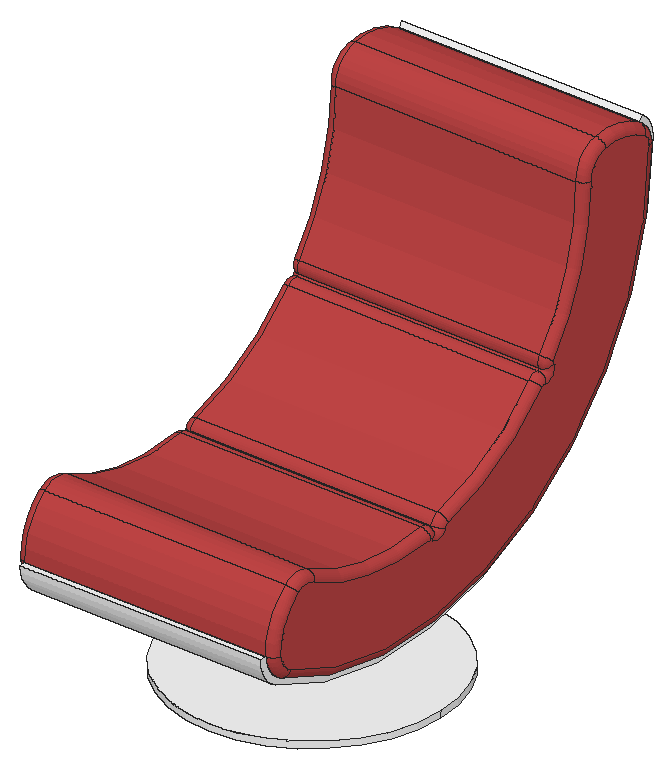
Revit family
Parameters
  Structure = Plastique - Blanc
  Assise = Cuir - Rouge
Reference planes
  plane 1 "Centre (avant/arrière)": y = 0
  plane 2: z = 0
  plane 3 "Centre (gauche/droite)": x = 0
  plane 4: x = -300
  plane 5: x = 300
Forms (mm)
  Extrusion 1, solid, material "Plastique - Blanc" <- "Structure"
    sketch origin (-300, 962.715, 1200) x (0, 1, 0) y (0, 0, 1)
      loop
        arc (-1416.953, -938.255) -> (-681.524, -912.069) -> (-321.163, -270.445) r 751.388
        arc (-321.163, -270.445) -> (-328.768, -239.847) -> (-349.813, -216.369) r 65.357
        line (-349.813, -216.369) -> (-358.238, -228.78)
        arc (-358.238, -228.78) -> (-342.022, -246.869) -> (-336.163, -270.445) r 50.357
        arc (-336.163, -270.445) -> (-689.33, -899.26) -> (-1410.078, -924.924) r 736.388
        arc (-1410.078, -924.924) -> (-1436.861, -900.434) -> (-1447.619, -865.774) r 69.394
        line (-1447.619, -865.774) -> (-1462.627, -865.774)
        arc (-1462.627, -865.774) -> (-1449.671, -908.241) -> (-1416.953, -938.255) r 84.394
    from 20 to 580
  Extrusion 2, solid, material "Cuir - Rouge" <- "Assise"
    sketch origin (-300, 962.715, 1200) x (0, 1, 0) y (0, 0, 1)
      loop
        arc (-1324.19, -735.725) -> (-1357.765, -728.713) -> (-1389.695, -741.238) r 60
        arc (-1389.695, -741.238) -> (-1433.623, -796.545) -> (-1447.619, -865.774) r 151.116
        arc (-1447.619, -865.774) -> (-1436.861, -900.434) -> (-1410.078, -924.924) r 69.394
        arc (-1410.078, -924.924) -> (-689.33, -899.26) -> (-336.163, -270.445) r 736.388
        arc (-336.163, -270.445) -> (-342.022, -246.869) -> (-358.238, -228.78) r 50.357
        arc (-358.238, -228.78) -> (-419.732, -202.722) -> (-486.516, -202.074) r 171.861
        arc (-486.516, -202.074) -> (-527.443, -226.159) -> (-543.582, -270.819) r 70
        arc (-543.582, -270.819) -> (-570.666, -437.537) -> (-648.92, -587.218) r 528.969
        arc (-648.92, -587.218) -> (-653.771, -599.646) -> (-651.545, -612.8) r 25.017
        arc (-651.545, -612.8) -> (-651.902, -615.998) -> (-654.912, -617.138) r 3.084
        arc (-654.912, -617.138) -> (-668.941, -618.097) -> (-680.712, -625.791) r 27.842
        arc (-680.712, -625.791) -> (-801.881, -724.918) -> (-946.757, -784.239) r 528.969
        arc (-946.757, -784.239) -> (-959.036, -790.99) -> (-966.274, -802.987) r 26.988
        arc (-966.274, -802.987) -> (-968.629, -805.111) -> (-971.573, -803.936) r 3
        arc (-971.573, -803.936) -> (-982.292, -795.516) -> (-995.816, -793.819) r 25.508
        arc (-995.816, -793.819) -> (-1164.701, -791.326) -> (-1324.19, -735.725) r 528.969
    from 0 to 600
  Sweep 3, void
    path in 3D
      loop
        arc (300, -8.858, 396.064) -> (300, -5.914, 394.889) -> (300, -3.559, 397.013) r 3
        arc (300, -3.559, 397.013) -> (300, 3.679, 409.01) -> (300, 15.958, 415.761) r 26.988
        arc (300, 15.958, 415.761) -> (300, 160.834, 475.082) -> (300, 282.003, 574.209) r 528.969
        arc (300, 282.003, 574.209) -> (300, 293.773, 581.903) -> (300, 307.803, 582.862) r 27.842
        arc (300, 307.803, 582.862) -> (300, 310.812, 584.002) -> (300, 311.17, 587.2) r 3.084
        arc (300, 311.17, 587.2) -> (300, 308.944, 600.354) -> (300, 313.795, 612.782) r 25.017
        arc (300, 313.795, 612.782) -> (300, 392.049, 762.463) -> (300, 419.133, 929.181) r 528.969
        arc (300, 419.133, 929.181) -> (300, 435.272, 973.841) -> (300, 476.198, 997.926) r 70
        arc (300, 476.198, 997.926) -> (300, 542.983, 997.278) -> (300, 604.477, 971.22) r 171.861
        arc (300, 604.477, 971.22) -> (300, 620.692, 953.131) -> (300, 626.552, 929.555) r 50.357
        arc (300, 626.552, 929.555) -> (300, 273.385, 300.74) -> (300, -447.363, 275.076) r 736.388
        arc (300, -447.363, 275.076) -> (300, -474.146, 299.566) -> (300, -484.904, 334.226) r 69.394
        arc (300, -484.904, 334.226) -> (300, -470.908, 403.455) -> (300, -426.98, 458.762) r 151.116
        arc (300, -426.98, 458.762) -> (300, -395.05, 471.287) -> (300, -361.475, 464.275) r 60
        arc (300, -361.475, 464.275) -> (300, -201.986, 408.674) -> (300, -33.102, 406.181) r 528.969
        arc (300, -33.102, 406.181) -> (300, -19.578, 404.484) -> (300, -8.858, 396.064) r 25.508
    profile origin (300, -19.578, 404.484) x (0, 0.385132, 0.922861) y (1, 0, 0)
      loop
        line (0, -20) -> (0, 0) -> (-20, 0)
        arc (-20, 0) -> (-5.858, -5.858) -> (0, -20) r 20
  Sweep 4, void
    path in 3D
      loop
        arc (-300, -361.475, 464.275) -> (-300, -395.05, 471.287) -> (-300, -426.98, 458.762) r 60
        arc (-300, -426.98, 458.762) -> (-300, -470.908, 403.455) -> (-300, -484.904, 334.226) r 151.116
        arc (-300, -484.904, 334.226) -> (-300, -474.146, 299.566) -> (-300, -447.363, 275.076) r 69.394
        arc (-300, -447.363, 275.076) -> (-300, 273.385, 300.74) -> (-300, 626.552, 929.555) r 736.388
        arc (-300, 626.552, 929.555) -> (-300, 620.692, 953.131) -> (-300, 604.477, 971.22) r 50.357
        arc (-300, 604.477, 971.22) -> (-300, 542.983, 997.278) -> (-300, 476.198, 997.926) r 171.861
        arc (-300, 476.198, 997.926) -> (-300, 435.272, 973.841) -> (-300, 419.133, 929.181) r 70
        arc (-300, 419.133, 929.181) -> (-300, 392.049, 762.463) -> (-300, 313.795, 612.782) r 528.969
        arc (-300, 313.795, 612.782) -> (-300, 308.944, 600.354) -> (-300, 311.17, 587.2) r 25.017
        arc (-300, 311.17, 587.2) -> (-300, 310.812, 584.002) -> (-300, 307.803, 582.862) r 3.084
        arc (-300, 307.803, 582.862) -> (-300, 293.773, 581.903) -> (-300, 282.003, 574.209) r 27.842
        arc (-300, 282.003, 574.209) -> (-300, 160.834, 475.082) -> (-300, 15.958, 415.761) r 528.969
        arc (-300, 15.958, 415.761) -> (-300, 3.679, 409.01) -> (-300, -3.559, 397.013) r 26.988
        arc (-300, -3.559, 397.013) -> (-300, -5.914, 394.889) -> (-300, -8.858, 396.064) r 3
        arc (-300, -8.858, 396.064) -> (-300, -19.578, 404.484) -> (-300, -33.102, 406.181) r 25.508
        arc (-300, -33.102, 406.181) -> (-300, -201.986, 408.674) -> (-300, -361.475, 464.275) r 528.969
    profile origin (-300, -201.986, 408.674) x (0, 0.174207, 0.984709) y (-1, 0, 0)
      loop
        arc (-20, 0) -> (-5.858, -5.858) -> (0, -20) r 20
        line (0, -20) -> (0, 0) -> (-20, 0)
  Extrusion 5, solid, material "Plastique - Blanc" <- "Structure"
    sketch origin (0, 0, 0) x (1, 0, 0) y (0, 1, 0)
      loop
        circle (0, 0) r 300
    from 0 to 15
  Extrusion 6, solid, material "Plastique - Blanc" <- "Structure"
    sketch origin (0, 0, 0) x (1, 0, 0) y (0, 1, 0)
      loop
        circle (0, 0) r 30
    from 0 to 197.069
Cuts and joins
  Sweep 3, Sweep 4 cuts Extrusion 1
  joined: Extrusion 1, Extrusion 5, Extrusion 6
  Sweep 3, Sweep 4 cuts Extrusion 2
Lines and regions (mm)
  sketch lines
    curve 1: arc (300, -33.102, 406.181) -> (300, -19.578, 404.484) -> (300, -8.858, 396.064) r 25.508
    curve 2: arc (300, -8.858, 396.064) -> (300, -5.914, 394.889) -> (300, -3.559, 397.013) r 3
    curve 3: arc (300, -3.559, 397.013) -> (300, 3.679, 409.01) -> (300, 15.958, 415.761) r 26.988
    curve 4: arc (300, -361.475, 464.275) -> (300, -201.986, 408.674) -> (300, -33.102, 406.181) r 528.969
    curve 5: arc (300, -426.98, 458.762) -> (300, -395.05, 471.287) -> (300, -361.475, 464.275) r 60
    curve 6: arc (300, -484.904, 334.226) -> (300, -470.908, 403.455) -> (300, -426.98, 458.762) r 151.116
    curve 7: arc (300, -447.363, 275.076) -> (300, -474.146, 299.566) -> (300, -484.904, 334.226) r 69.394
    curve 8: arc (300, 626.552, 929.555) -> (300, 273.385, 300.74) -> (300, -447.363, 275.076) r 736.388
    curve 9: arc (300, 15.958, 415.761) -> (300, 160.834, 475.082) -> (300, 282.003, 574.209) r 528.969
    curve 10: arc (300, 282.003, 574.209) -> (300, 293.773, 581.903) -> (300, 307.803, 582.862) r 27.842
    curve 11: arc (300, 307.803, 582.862) -> (300, 310.812, 584.002) -> (300, 311.17, 587.2) r 3.084
    curve 12: arc (300, 311.17, 587.2) -> (300, 308.944, 600.354) -> (300, 313.795, 612.782) r 25.017
    curve 13: arc (300, 313.795, 612.782) -> (300, 392.049, 762.463) -> (300, 419.133, 929.181) r 528.969
    curve 14: arc (300, 419.133, 929.181) -> (300, 435.272, 973.841) -> (300, 476.198, 997.926) r 70
    curve 15: arc (300, 476.198, 997.926) -> (300, 542.983, 997.278) -> (300, 604.477, 971.22) r 171.861
    curve 16: arc (300, 604.477, 971.22) -> (300, 620.692, 953.131) -> (300, 626.552, 929.555) r 50.357
    curve 17: arc (-300, -33.102, 406.181) -> (-300, -201.986, 408.674) -> (-300, -361.475, 464.275) r 528.969
    curve 18: arc (-300, -8.858, 396.064) -> (-300, -19.578, 404.484) -> (-300, -33.102, 406.181) r 25.508
    curve 19: arc (-300, -3.559, 397.013) -> (-300, -5.914, 394.889) -> (-300, -8.858, 396.064) r 3
    curve 20: arc (-300, 15.958, 415.761) -> (-300, 3.679, 409.01) -> (-300, -3.559, 397.013) r 26.988
    curve 21: arc (-300, 282.003, 574.209) -> (-300, 160.834, 475.082) -> (-300, 15.958, 415.761) r 528.969
    curve 22: arc (-300, 307.803, 582.862) -> (-300, 293.773, 581.903) -> (-300, 282.003, 574.209) r 27.842
    curve 23: arc (-300, 311.17, 587.2) -> (-300, 310.812, 584.002) -> (-300, 307.803, 582.862) r 3.084
    curve 24: arc (-300, 313.795, 612.782) -> (-300, 308.944, 600.354) -> (-300, 311.17, 587.2) r 25.017
    curve 25: arc (-300, 419.133, 929.181) -> (-300, 392.049, 762.463) -> (-300, 313.795, 612.782) r 528.969
    curve 26: arc (-300, 476.198, 997.926) -> (-300, 435.272, 973.841) -> (-300, 419.133, 929.181) r 70
    curve 27: arc (-300, 604.477, 971.22) -> (-300, 542.983, 997.278) -> (-300, 476.198, 997.926) r 171.861
    curve 28: arc (-300, 626.552, 929.555) -> (-300, 620.692, 953.131) -> (-300, 604.477, 971.22) r 50.357
    curve 29: arc (-300, -447.363, 275.076) -> (-300, 273.385, 300.74) -> (-300, 626.552, 929.555) r 736.388
    curve 30: arc (-300, -484.904, 334.226) -> (-300, -474.146, 299.566) -> (-300, -447.363, 275.076) r 69.394
    curve 31: arc (-300, -426.98, 458.762) -> (-300, -470.908, 403.455) -> (-300, -484.904, 334.226) r 151.116
    curve 32: arc (-300, -361.475, 464.275) -> (-300, -395.05, 471.287) -> (-300, -426.98, 458.762) r 60
Dimensions and locks
  aligned and locked: Extrusion 2 sketch curve to Extrusion 1  (x2)
  aligned: Extrusion 1 to Sweep 3
  aligned: Extrusion 1 to Sweep 4
